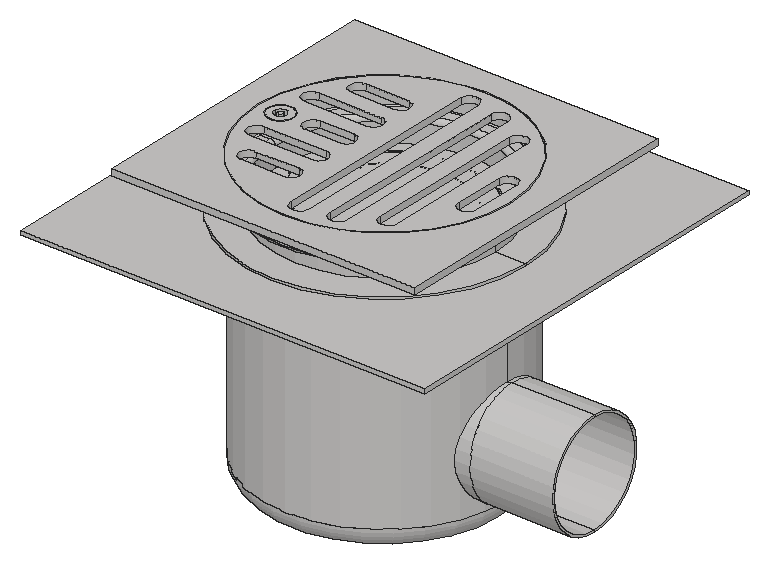
Revit family "PX_FD_HERBISH CROSS SLOTS PC HB125HADJ", category Plumbing Fixtures, Revit 2015
Parameters (values of type "HERBISH CROSS SLOTS HB125HADJ")
  URL = "http://www.metspin.co.za/"
  Tolani civil Projects cc URL = "www.tcpbim.co.za"
  Stainless Steel = Stainless Steel
  Notes = "The Herbish® HB 125 H is a unique Full Flow Floor Drain with the following features: \r\n\t• Manufactured in Stainless Steel to ensure acid corrosion and stain resistance. \r\n\t• A 70mm water seal to ensure an odour-free operation. \r\n\t• Smooth surfaces for easy cleaning. \r\n\t• Minimum dirt collection and high flow rates.\r\n\t• Easy to dismantle for cleaning, discharge pipe becomes fully accessible"
  Model = "PC HB125HADJ"
  Manufacturer = "Metal Spinning (Pty) Ltd"
  Description = "HERBISH DRAIN CROSS SLOTS"
  Created by = "Tolani civil Projects cc"
Reference planes
  plane 1 "Center (Front/Back)": y = 0
  plane 2: z = 0
  plane 3 "Center (Left/Right)": x = 0
  plane 4: z = -77.987
  plane 5: z = 2
  plane 6: x = 53.94
  plane 7: x = 103.94
Forms (mm)
  Revolve 1, solid, material "Stainless Steel" <- "Stainless Steel"
    sketch origin (0, 0, 0) x (1, 0, 0) y (0, 0, 1)
      loop
        arc (-50.002, -114.987) -> (-57.073, -112.058) -> (-60.002, -104.987) r 10
        line (-60.002, -104.987) -> (-60.002, -0.01) -> (-60.902, -0.01) -> (-60.902, -104.987)
        arc (-60.902, -104.987) -> (-57.709, -112.695) -> (-50.002, -115.887) r 10.9
        line (-50.002, -115.887) -> (0, -115.887) -> (0, -114.987) -> (-50.002, -114.987)
      loop
        line (-24.1, -86.663) -> (-24.1, -10.455)
        arc (-24.1, -10.455) -> (-28.331, -1.596) -> (-37.467, 2) r 13.4
        line (-37.467, 2) -> (-46.767, 2)
        arc (-46.767, 2) -> (-48.267, 0.5) -> (-46.767, -1) r 1.5
        line (-46.767, -1) -> (-45.267, -1) -> (-45.267, -0.1) -> (-46.767, -0.1)
        arc (-46.767, -0.1) -> (-47.367, 0.5) -> (-46.767, 1.1) r 0.6
        line (-46.767, 1.1) -> (-37.467, 1.1)
        arc (-37.467, 1.1) -> (-28.956, -2.244) -> (-25, -10.488) r 12.5
        line (-25, -10.488) -> (-25, -86.663) -> (-24.1, -86.663)
      loop
        line (0, -96.657) -> (0, -95.657) -> (-19.937, -95.657)
        arc (-19.937, -95.657) -> (-31.649, -90.806) -> (-36.5, -79.095) r 16.563
        line (-36.5, -79.095) -> (-36.5, -11.661) -> (-37.5, -11.661) -> (-37.5, -79.095)
        arc (-37.5, -79.095) -> (-32.356, -91.513) -> (-19.937, -96.657) r 17.563
        line (-19.937, -96.657) -> (0, -96.657)
      loop
        arc (-54.099, -12) -> (-53.514, -10.586) -> (-52.099, -10) r 2
        arc (-52.099, -10) -> (-49.978, -9.121) -> (-49.099, -7) r 3
        line (-49.099, -7) -> (-49.099, -6)
        arc (-49.099, -6) -> (-49.978, -3.879) -> (-52.1, -3) r 3
        arc (-52.1, -3) -> (-53.514, -2.414) -> (-54.1, -1) r 2
        line (-54.1, -1) -> (-54.1, 11.6)
        arc (-54.1, 11.6) -> (-54.803, 13.297) -> (-56.5, 14) r 2.4
        line (-56.5, 14) -> (-61.75, 14)
        arc (-61.75, 14) -> (-62.104, 14.146) -> (-62.25, 14.5) r 0.5
        line (-62.25, 14.5) -> (-62.25, 24) -> (-63.15, 24) -> (-63.15, 14.5)
        arc (-63.15, 14.5) -> (-62.74, 13.51) -> (-61.75, 13.1) r 1.4
        line (-61.75, 13.1) -> (-56.5, 13.1)
        arc (-56.5, 13.1) -> (-55.439, 12.661) -> (-55, 11.6) r 1.5
        line (-55, 11.6) -> (-55, 3) -> (-70, 3) -> (-70, 2) -> (-55, 2) -> (-55, -1)
        arc (-55, -1) -> (-54.15, -3.051) -> (-52.1, -3.9) r 2.9
        arc (-52.1, -3.9) -> (-50.615, -4.515) -> (-49.999, -6) r 2.1
        line (-49.999, -6) -> (-49.999, -7)
        arc (-49.999, -7) -> (-50.614, -8.485) -> (-52.099, -9.1) r 2.1
        arc (-52.099, -9.1) -> (-54.15, -9.949) -> (-54.999, -12) r 2.9
        line (-54.999, -12) -> (-54.999, -60.77) -> (-54.099, -60.77) -> (-54.099, -12)
      axis (0, 24) -> (0, -115.887)
    angle from 0 to 360
  Revolve 2, solid, material "Stainless Steel" <- "Stainless Steel"
    sketch origin (0, 0, 0) x (1, 0, 0) y (0, 0, 1)
      loop
        line (103.94, -52.987) -> (103.94, -52.087) -> (62.898, -52.087) -> (53.94, -52.087) -> (53.94, -52.987) -> (62.898, -52.987) -> (103.94, -52.987)
      axis (53.94, -77.987) -> (103.94, -77.987)
    angle from 0 to 360
  Extrusion 3, void
    sketch origin (0, 0, 0) x (0, 1, 0) y (0, 0, 1)
      loop
        circle (0, -77.987) r 25
    from 55.991 to 103.94
  Extrusion 4, solid, material "Stainless Steel" <- "Stainless Steel"
    sketch origin (378.531, -82.628, 0) x (1, 0, 0) y (0, 1, 0)
      loop
        arc (-357.031, 132.538) -> (-361.531, 137.038) -> (-366.031, 132.538) r 4.5
        line (-366.031, 132.538) -> (-366.031, 33.201)
        arc (-366.031, 33.201) -> (-361.531, 28.701) -> (-357.031, 33.201) r 4.5
        line (-357.031, 33.201) -> (-357.031, 132.538)
      loop
        arc (-349.031, 42.874) -> (-344.531, 38.374) -> (-340.031, 42.874) r 4.5
        line (-340.031, 42.874) -> (-340.031, 122.865)
        arc (-340.031, 122.865) -> (-344.531, 127.365) -> (-349.031, 122.865) r 4.5
        line (-349.031, 122.865) -> (-349.031, 42.874)
      loop
        arc (-332.031, 70.446) -> (-327.531, 65.946) -> (-323.031, 70.446) r 4.5
        line (-323.031, 70.446) -> (-323.031, 95.293)
        arc (-323.031, 95.293) -> (-327.531, 99.793) -> (-332.031, 95.293) r 4.5
        line (-332.031, 95.293) -> (-332.031, 70.446)
      loop
        arc (-383.049, 30.378) -> (-378.54, 25.869) -> (-374.031, 30.378) r 4.509
        line (-374.031, 30.378) -> (-374.031, 135.36)
        arc (-374.031, 135.36) -> (-378.54, 139.869) -> (-383.049, 135.36) r 4.509
        line (-383.049, 135.36) -> (-383.049, 30.378)
      loop
        arc (-397.549, 112.378) -> (-393.049, 116.878) -> (-397.549, 121.378) r 4.5
        line (-397.549, 121.378) -> (-418.536, 121.378)
        arc (-418.536, 121.378) -> (-423.036, 116.878) -> (-418.536, 112.378) r 4.5
        line (-418.536, 112.378) -> (-397.549, 112.378)
      loop
        arc (-428.209, 104.378) -> (-432.709, 99.878) -> (-428.209, 95.378) r 4.5
        line (-428.209, 95.378) -> (-397.549, 95.378)
        arc (-397.549, 95.378) -> (-393.049, 99.878) -> (-397.549, 104.378) r 4.5
        line (-397.549, 104.378) -> (-428.209, 104.378)
      loop
        arc (-414.031, 87.378) -> (-418.54, 82.869) -> (-414.031, 78.36) r 4.509
        line (-414.031, 78.36) -> (-397.558, 78.36)
        arc (-397.558, 78.36) -> (-393.049, 82.869) -> (-397.558, 87.378) r 4.509
        line (-397.558, 87.378) -> (-414.031, 87.378)
      loop
        circle (-430.04, 82.869) r 3
      loop
        circle (-430.04, 82.869) r 1.25
      loop
        circle (-430.04, 82.869) r 6.002
      loop
        circle (-430.04, 82.869) r 6.5
      loop
        line (-397.549, 70.36) -> (-428.209, 70.36)
        arc (-428.209, 70.36) -> (-432.709, 65.86) -> (-428.209, 61.36) r 4.5
        line (-428.209, 61.36) -> (-397.549, 61.36)
        arc (-397.549, 61.36) -> (-393.049, 65.86) -> (-397.549, 70.36) r 4.5
      loop
        line (-397.549, 53.36) -> (-418.536, 53.36)
        arc (-418.536, 53.36) -> (-423.036, 48.86) -> (-418.536, 44.36) r 4.5
        line (-418.536, 44.36) -> (-397.549, 44.36)
        arc (-397.549, 44.36) -> (-393.049, 48.86) -> (-397.549, 53.36) r 4.5
      loop
        circle (-378.54, 82.869) r 62
      loop
        circle (-378.54, 82.869) r 62.5
      loop
        line (-303.54, 157.869) -> (-453.54, 157.869) -> (-453.54, 7.869) -> (-303.54, 7.869) -> (-303.54, 157.869)
    from 24.018 to 27.026
  Extrusion 5, solid, material "Stainless Steel" <- "Stainless Steel"
    sketch origin (0, 0, 0) x (1, 0, 0) y (0, 1, 0)
      loop
        line (100, 100) -> (-100, 100) -> (-100, -100) -> (100, -100) -> (100, 100)
    from 0 to 2
Cuts and joins
  Extrusion 3 cuts Revolve 2
  Extrusion 3 cuts Revolve 1
Dimensions and locks
  locked: Revolve 2 sketch curve to plane 4 at 25
  locked: level to plane 4 at 77.987
  plane 5 to level = 2 mm
  locked: plane 6 to plane 3 "Center (Left/Right)" at 53.94
  locked: plane 7 to plane 6 at 50
  locked: cut or joined group of Revolve 2, Extrusion 3 to cut or joined group of Revolve 1, Extrusion 3 at 2.052
  aligned and locked: level to plane 2
  aligned and locked: Revolve 1 sketch curve to plane 3 "Center (Left/Right)"
  aligned and locked: Revolve 2 sketch curve to plane 4
  aligned and locked: Extrusion 3 sketch curve to Revolve 2  (x2)
  aligned and locked: Extrusion 5 to Revolve 1
  aligned and locked: plane 5 to Extrusion 5
  aligned and locked: Revolve 2 sketch curve to plane 6
  aligned and locked: Revolve 2 sketch curve to plane 7
  aligned and locked: Extrusion 3 to Revolve 2
Connectors
  piping at (103.94, 0, -77.987), diameter 50
    settings: on cut or joined group of Revolve 2, Extrusion 3, index 1, connector inside diameter 609.6 mm, connector length 0 mm, flow factor 0, pipe flow 0.0 L/s, pressure drop 0.0 Pa, fitting loss kfactor 0, connector angle 0.00°, fixture units 0, engagement length 0 mm, angle of deflection 0.00°, flow configuration 0, flow direction 0, fitting loss method 0, system type 16, joint type 0, gender type 0, connector reference index -1, connector utility 0, adjustable connector no, is connector primary yes, connector description ""
